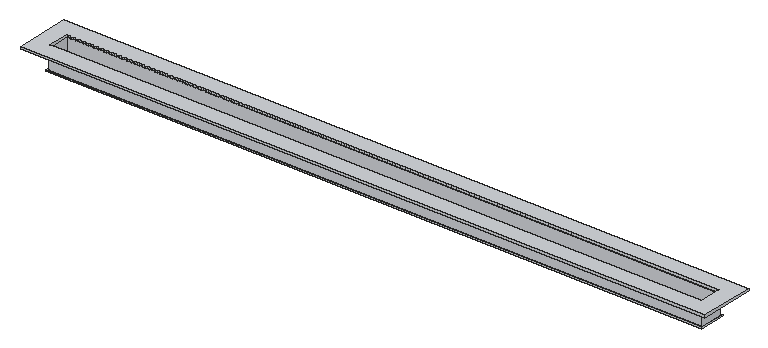
Revit family "GR48 - GR0005", category Generic Models, host Face, Revit 2019
Family settings
  Host = Face
  Can host rebar = No
  Round Connector Dimension = Use Diameter
  Part Type = Normal
  Cut with Voids When Loaded = No
  Shared = No
  Room Calculation Point = No
Parameters
  Default Elevation = 48.00"
Reference planes (in)
  plane 1 "Center (Front/Back)": y = 0
  plane 2: z = 0
  plane 3 "Center (Left/Right)": x = 0
Forms (in)
  Extrusion 1, solid
    sketch origin (0, 0, 0) x (1, 0, 0) y (0, 1, 0)
      loop
        line (-26.4375, 2.09375) -> (-26.4375, -2.09375) -> (26.4375, -2.09375) -> (26.4375, 2.09375) -> (-26.4375, 2.09375)
      loop
        line (-25.1775, 0.83375) -> (-25.1775, -0.83375) -> (25.1775, -0.83375) -> (25.1775, 0.83375) -> (-25.1775, 0.83375)
    from 0 to 0.16
  Extrusion 2, solid
    sketch origin (0, 0, 0) x (1, 0, 0) y (0, 1, 0)
      loop
        line (25.1775, 0.83375) -> (-25.1775, 0.83375) -> (-25.1775, -0.83375) -> (25.1775, -0.83375) -> (25.1775, 0.83375)
      loop
        line (-25.2175, 0.87375) -> (-25.2175, -0.87375) -> (25.2175, -0.87375) -> (25.2175, 0.87375) -> (-25.2175, 0.87375)
    from 0 to -1.63
  Extrusion 3, solid
    sketch origin (0, 0, 0) x (1, 0, 0) y (0, 1, 0)
      loop
        line (25.2175, 0.87375) -> (-25.2175, 0.87375) -> (-25.2175, -0.87375) -> (25.2175, -0.87375) -> (25.2175, 0.87375)
      loop
        line (25.3375, 0.99375) -> (-25.3375, 0.99375) -> (-25.3375, -0.99375) -> (25.3375, -0.99375) -> (25.3375, 0.99375)
    from -1.55 to -1.63
  Extrusion 4, solid
    sketch origin (0, 0, 0) x (1, 0, 0) y (0, 1, 0)
      loop
        line (25.2175, 0.87375) -> (-25.2175, 0.87375) -> (-25.2175, -0.87375) -> (25.2175, -0.87375) -> (25.2175, 0.87375)
      loop
        line (25.3375, 0.99375) -> (-25.3375, 0.99375) -> (-25.3375, -0.99375) -> (25.3375, -0.99375) -> (25.3375, 0.99375)
    from -0.66 to -0.6
Dimensions and locks (in)
  Extrusion 1 to Extrusion 1 = 52.875"
  Extrusion 1 to Extrusion 1 = 4.1875"
  aligned and locked: plane 2 to host face
  aligned and locked: level to host face
